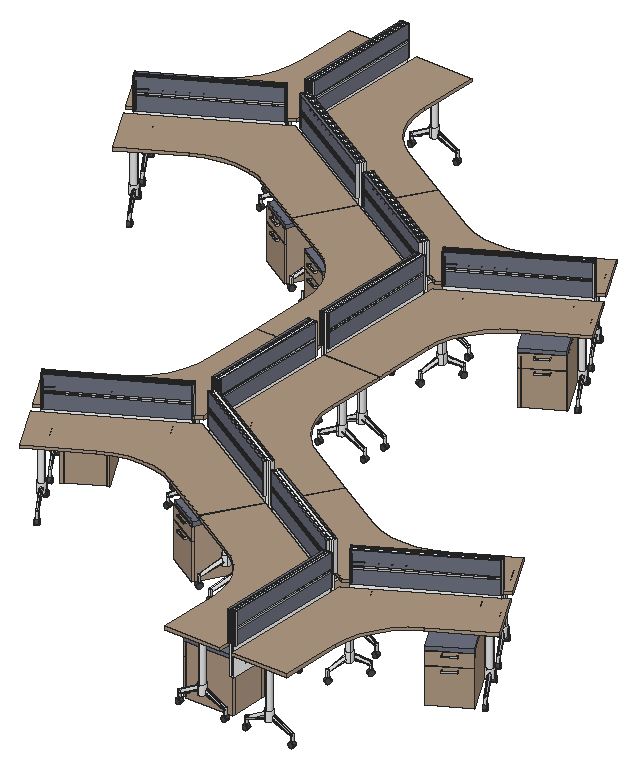
Revit family "T200028", category Furniture, Revit 2013 (continued)
Forms (in)
  Extrusion 774, solid, material "OFS BRANDS INTERMIX WORK Feet Metal" <- "Feet Material"
    sketch origin (26.80425, -56.57951, 0) x (0.000017, -1, 0) y (1, 0.000017, 0)
      loop
        circle (-51.57715, -22.59884) r 0.43
    from 2.38016 to 4.82597
  SweptBlend 775, solid, material "OFS BRANDS INTERMIX WORK Feet Metal" <- "Feet Material"
    path origin (26.80425, -56.57951, 0) x (1, 0.000017, 0) y (0, 0, 1)
      loop
        line (-13.40165, 7.14826) -> (-22.60845, 3.84119)
    profile origin (13.4026, -56.57974, 7.14826) x (0.338052, 0.000006, -0.941127) y (0.000017, -1, 0)
      loop
        line (-2.62281, -51.51844) -> (-2.62281, -51.63768)
        arc (-2.62281, -51.63768) -> (-2.58269, -51.75888) -> (-2.47817, -51.8322) r 0.20313
        line (-2.47817, -51.8322) -> (-1.22705, -52.20839)
        arc (-1.22705, -52.20839) -> (-0.97865, -52.23103) -> (-0.74123, -52.15459) r 0.6241
        line (-0.74123, -52.15459) -> (-0.41933, -51.97341)
        arc (-0.41933, -51.97341) -> (-0.37972, -51.93444) -> (-0.36519, -51.8808) r 0.10627
        line (-0.36519, -51.8808) -> (-0.36519, -51.27484)
        arc (-0.36519, -51.27484) -> (-0.37961, -51.2216) -> (-0.41893, -51.18293) r 0.10547
        line (-0.41893, -51.18293) -> (-0.7409, -51.00171)
        arc (-0.7409, -51.00171) -> (-0.97866, -50.92516) -> (-1.22742, -50.94783) r 0.625
        line (-1.22742, -50.94783) -> (-2.47816, -51.32389)
        arc (-2.47816, -51.32389) -> (-2.58268, -51.39722) -> (-2.62281, -51.51844) r 0.20315
    end profile origin (4.1958, -56.57989, 3.84119) x (0.338052, 0.000006, -0.941127) y (0.000017, -1, 0)
      loop
        arc (-0.00296, -51.97173) -> (0.12974, -51.57876) -> (-0.00296, -51.18579) r 0.64824
        arc (-0.00296, -51.18579) -> (-0.47961, -51.2339) -> (-0.93193, -51.39177) r 2.04165
        arc (-0.93193, -51.39177) -> (-1.04882, -51.57876) -> (-0.93193, -51.76575) r 0.20801
        arc (-0.93193, -51.76575) -> (-0.47961, -51.92362) -> (-0.00296, -51.97173) r 2.04165
  Extrusion 776, solid, material "OFS BRANDS INTERMIX WORK Top Core Wood" <- "Top Core Material"
    sketch origin (125.5135, -75.66085, 0) x (0.499986, 0.866034, 0) y (-0.866034, 0.499986, 0)
      loop
        line (3.97134, 144.44683) -> (-42.79403, 117.44683) -> (-42.79403, 63.44684) -> (-20.79403, 63.44684) -> (-20.79403, 87.42463)
        arc (-20.79403, 87.42463) -> (-16.7855, 102.41798) -> (-5.81327, 113.39428) r 29.96155
        line (-5.81327, 113.39428) -> (14.97134, 125.39429) -> (3.97134, 144.44683)
    from 27.87542 to 29.00005
  Extrusion 777, solid, material "OFS BRANDS INTERMIX WORK Feet Metal" <- "Feet Material"
    sketch origin (-28.63643, -87.3953, 0) x (-0.866017, -0.500014, 0) y (0.500014, -0.866017, 0)
      loop
        line (-54.57973, -9.4) -> (-54.57973, -17.4) -> (-48.57973, -17.4) -> (-48.57973, -9.4) -> (-54.57973, -9.4)
    from 27.6875 to 27.87542
  Extrusion 778, solid, material "OFS BRANDS INTERMIX WORK Feet Metal" <- "Feet Material"
    sketch origin (-28.63643, -87.3953, 0) x (-0.866017, -0.500014, 0) y (0.500014, -0.866017, 0)
      loop
        circle (-51.57876, -13.39995) r 1.14391
    from 10.29161 to 27.6875
  Extrusion 779, solid, material "OFS BRANDS INTERMIX WORK Feet Metal" <- "Feet Material"
    sketch origin (-28.63643, -87.3953, 0) x (-0.866017, -0.500014, 0) y (0.500014, -0.866017, 0)
      loop
        circle (-51.57876, -13.40165) r 1.51553
    from 6.70403 to 10.29161
  Extrusion 780, solid, material "OFS BRANDS INTERMIX WORK Roll Plastic" <- "Roll Material"
    sketch origin (3.28979, -39.49186, 29.4745) x (-0.500014, 0.866017, 0) y (0, 0, -1)
      loop
        circle (-19.32729, 28.53442) r 0.94008
    from -0.75 to 0.78386
  Extrusion 781, solid, material "OFS BRANDS INTERMIX WORK Roll Plastic" <- "Roll Material"
    sketch origin (3.28979, -39.49186, 29.4745) x (-0.500014, 0.866017, 0) y (0, 0, -1)
      loop
        arc (-18.30139, 28.55034) -> (-18.56665, 27.84584) -> (-19.24135, 27.51201) r 1.02602
        line (-19.24135, 27.51201) -> (-19.24135, 27.59827)
        arc (-19.24135, 27.59827) -> (-19.32729, 27.59434) -> (-19.41323, 27.59827) r 0.94008
        line (-19.41323, 27.59827) -> (-19.41323, 27.51201)
        arc (-19.41323, 27.51201) -> (-20.08257, 27.83996) -> (-20.35331, 28.53442) r 1.02602
        line (-20.35331, 28.53442) -> (-20.43925, 28.53442)
        arc (-20.43925, 28.53442) -> (-20.14338, 27.77914) -> (-19.41323, 27.42579) r 1.11196
        line (-19.41323, 27.42579) -> (-19.41323, 27.09434) -> (-19.24135, 27.09434) -> (-19.24135, 27.42579)
        arc (-19.24135, 27.42579) -> (-18.50581, 27.785) -> (-18.21545, 28.55034) r 1.11196
        line (-18.21545, 28.55034) -> (-18.30139, 28.55034)
    from -0.56728 to 0.61508
  Extrusion 782, solid, material "OFS BRANDS INTERMIX WORK Feet Metal" <- "Feet Material"
    sketch origin (-43.00651, -62.50654, 0) x (-0.866017, -0.500014, 0) y (0.500014, -0.866017, 0)
      loop
        circle (-51.57715, 22.59884) r 0.43
    from 2.38016 to 4.9582
  SweptBlend 783, solid, material "OFS BRANDS INTERMIX WORK Feet Metal" <- "Feet Material"
    path origin (-42.03681, -64.18604, 0) x (-0.500014, 0.866017, 0) y (0, 0, -1)
      loop
        line (-13.15165, -7.14826) -> (-20.5899, -3.99092)
    profile origin (-35.4608, -75.5756, 7.14826) x (0.195371, -0.33838, 0.920505) y (-0.866017, -0.500014, 0)
      loop
        arc (2.62281, -51.51844) -> (2.58268, -51.39722) -> (2.47816, -51.32389) r 0.20315
        line (2.47816, -51.32389) -> (1.22742, -50.94783)
        arc (1.22742, -50.94783) -> (0.97866, -50.92516) -> (0.7409, -51.00171) r 0.625
        line (0.7409, -51.00171) -> (0.41893, -51.18293)
        arc (0.41893, -51.18293) -> (0.37961, -51.2216) -> (0.36519, -51.27484) r 0.10547
        line (0.36519, -51.27484) -> (0.36519, -51.8808)
        arc (0.36519, -51.8808) -> (0.37972, -51.93444) -> (0.41933, -51.97341) r 0.10627
        line (0.41933, -51.97341) -> (0.74123, -52.15459)
        arc (0.74123, -52.15459) -> (0.97865, -52.23103) -> (1.22705, -52.20839) r 0.6241
        line (1.22705, -52.20839) -> (2.47817, -51.8322)
        arc (2.47817, -51.8322) -> (2.58269, -51.75888) -> (2.62281, -51.63768) r 0.20313
        line (2.62281, -51.63768) -> (2.62281, -51.51844)
    end profile origin (-31.74157, -82.01725, 3.99092) x (0.195371, -0.33838, 0.920505) y (-0.866017, -0.500014, 0)
      loop
        arc (0.00296, -51.97173) -> (0.47961, -51.92362) -> (0.93193, -51.76575) r 2.04165
        arc (0.93193, -51.76575) -> (1.04882, -51.57876) -> (0.93193, -51.39177) r 0.20801
        arc (0.93193, -51.39177) -> (0.47961, -51.2339) -> (0.00296, -51.18579) r 2.04165
        arc (0.00296, -51.18579) -> (-0.12974, -51.57876) -> (0.00296, -51.97173) r 0.64824
  Extrusion 784, solid, material "OFS BRANDS INTERMIX WORK Roll Plastic" <- "Roll Material"
    sketch origin (15.41177, -60.48696, 29.4745) x (0.500014, -0.866017, 0) y (0, 0, 1)
      loop
        circle (-19.32729, -28.53442) r 0.94008
    from -0.75 to 0.78386
  Extrusion 785, solid, material "OFS BRANDS INTERMIX WORK Roll Plastic" <- "Roll Material"
    sketch origin (15.41177, -60.48696, 29.4745) x (0.500014, -0.866017, 0) y (0, 0, 1)
      loop
        line (-18.30139, -28.55034) -> (-18.21545, -28.55034)
        arc (-18.21545, -28.55034) -> (-18.50581, -27.785) -> (-19.24135, -27.42579) r 1.11196
        line (-19.24135, -27.42579) -> (-19.24135, -27.09434) -> (-19.41323, -27.09434) -> (-19.41323, -27.42579)
        arc (-19.41323, -27.42579) -> (-20.14338, -27.77914) -> (-20.43925, -28.53442) r 1.11196
        line (-20.43925, -28.53442) -> (-20.35331, -28.53442)
        arc (-20.35331, -28.53442) -> (-20.08257, -27.83996) -> (-19.41323, -27.51201) r 1.02602
        line (-19.41323, -27.51201) -> (-19.41323, -27.59827)
        arc (-19.41323, -27.59827) -> (-19.32729, -27.59434) -> (-19.24135, -27.59827) r 0.94008
        line (-19.24135, -27.59827) -> (-19.24135, -27.51201)
        arc (-19.24135, -27.51201) -> (-18.56665, -27.84584) -> (-18.30139, -28.55034) r 1.02602
    from -0.56728 to 0.61508
  Extrusion 786, solid, material "OFS BRANDS INTERMIX WORK Feet Metal" <- "Feet Material"
    sketch origin (-27.66673, -89.07481, 0) x (-0.866017, -0.500014, 0) y (0.500014, -0.866017, 0)
      loop
        circle (-51.57715, -22.59884) r 0.43
    from 2.38016 to 4.9582
  SweptBlend 787, solid, material "OFS BRANDS INTERMIX WORK Feet Metal" <- "Feet Material"
    path origin (-28.63643, -87.3953, 0) x (0.500014, -0.866017, 0) y (0, 0, 1)
      loop
        line (-13.15165, 7.14826) -> (-20.5899, 3.99092)
    profile origin (-35.21244, -76.00575, 7.14826) x (0.195371, -0.33838, -0.920505) y (-0.866017, -0.500014, 0)
      loop
        line (-2.62281, -51.51844) -> (-2.62281, -51.63768)
        arc (-2.62281, -51.63768) -> (-2.58269, -51.75888) -> (-2.47817, -51.8322) r 0.20313
        line (-2.47817, -51.8322) -> (-1.22705, -52.20839)
        arc (-1.22705, -52.20839) -> (-0.97865, -52.23103) -> (-0.74123, -52.15459) r 0.6241
        line (-0.74123, -52.15459) -> (-0.41933, -51.97341)
        arc (-0.41933, -51.97341) -> (-0.37972, -51.93444) -> (-0.36519, -51.8808) r 0.10627
        line (-0.36519, -51.8808) -> (-0.36519, -51.27484)
        arc (-0.36519, -51.27484) -> (-0.37961, -51.2216) -> (-0.41893, -51.18293) r 0.10547
        line (-0.41893, -51.18293) -> (-0.7409, -51.00171)
        arc (-0.7409, -51.00171) -> (-0.97866, -50.92516) -> (-1.22742, -50.94783) r 0.625
        line (-1.22742, -50.94783) -> (-2.47816, -51.32389)
        arc (-2.47816, -51.32389) -> (-2.58268, -51.39722) -> (-2.62281, -51.51844) r 0.20315
    end profile origin (-38.93167, -69.5641, 3.99092) x (0.195371, -0.33838, -0.920505) y (-0.866017, -0.500014, 0)
      loop
        arc (-0.00296, -51.97173) -> (0.12974, -51.57876) -> (-0.00296, -51.18579) r 0.64824
        arc (-0.00296, -51.18579) -> (-0.47961, -51.2339) -> (-0.93193, -51.39177) r 2.04165
        arc (-0.93193, -51.39177) -> (-1.04882, -51.57876) -> (-0.93193, -51.76575) r 0.20801
        arc (-0.93193, -51.76575) -> (-0.47961, -51.92362) -> (-0.00296, -51.97173) r 2.04165
  Extrusion 788, solid, material "OFS BRANDS INTERMIX WORK Back Coverage Plastic" <- "Back Coverage Material"
    sketch origin (-0.07023, -30.00737, 29.4745) x (0.000009, -1, 0) y (0, 0, 1)
      loop
        line (20.99537, -11.2245) -> (20.99537, 12.5255) -> (-27.00463, 12.5255) -> (-27.00463, -11.2245) -> (20.99537, -11.2245)
    from -0.9375 to -0.1875
  Extrusion 789, solid, material "OFS BRANDS INTERMIX WORK Tackboard Fabric" <- "Tackboard Material"
    sketch origin (0.96302, -30.00736, 29.4745) x (0.000009, -1, 0) y (0, 0, 1)
      loop
        line (21.02662, 6.99425) -> (21.02662, 12.5255) -> (-27.03588, 12.5255) -> (-27.03588, 6.99425) -> (21.02662, 6.99425)
    from -0.66085 to 0.03085
  Extrusion 790, solid, material "OFS BRANDS INTERMIX WORK Tackboard Fabric" <- "Tackboard Material"
    sketch origin (0.96302, -30.00736, 22.69325) x (0.000009, -1, 0) y (0, 0, 1)
      loop
        line (20.68752, 6.99425) -> (20.68752, 12.5255) -> (-27.03588, 12.5255) -> (-27.03588, 6.99425) -> (20.68752, 6.99425)
    from -0.66085 to 0.03085
  Extrusion 791, solid, material "OFS BRANDS INTERMIX WORK Conector Metal" <- "Conector Material"
    sketch origin (-0.60113, -55.04473, 0) x (-0.000009, 1, 0) y (-1, -0.000009, 0)
      loop
        line (51.73413, -2.29012) -> (52.10913, -2.29011) -> (52.10913, -1.46862) -> (51.35913, -1.46862) -> (51.35913, -1.50452) -> (52.07323, -1.50452) -> (52.07323, -2.25422) -> (51.73413, -2.25422) -> (51.73413, -2.29012)
    from 29.74775 to 41.93975
  Extrusion 792, solid, material "OFS BRANDS INTERMIX WORK Tool Rail Metal" <- "Tool Rail Material"
    sketch origin (-0.60113, -55.04473, 0) x (-1, -0.000009, 0) y (0, 0, 1)
      loop
        line (-1.53351, 35.21875) -> (-1.53351, 34.46875) -> (-1.46862, 34.46875) -> (-1.46862, 35.29875) -> (-2.15611, 35.29875) -> (-2.15612, 35.70367) -> (-2.04082, 35.70367) -> (-1.85742, 35.59348) -> (-1.70638, 35.84486) -> (-1.85625, 36.09427) -> (-2.04176, 35.9828) -> (-2.15612, 35.9828) -> (-2.15612, 36.38875) -> (-1.46862, 36.38875) -> (-1.46862, 37.21875) -> (-1.53351, 37.21875) -> (-1.53351, 36.46875) -> (-2.23612, 36.46875) -> (-2.23612, 35.9028) -> (-2.01958, 35.9028) -> (-1.88459, 35.98391) -> (-1.80037, 35.84375) -> (-1.88459, 35.70359) -> (-2.01958, 35.78469) -> (-2.23612, 35.78469) -> (-2.23612, 35.21875) -> (-1.53351, 35.21875)
    from 4.01073 to 52.07323
  Extrusion 793, solid, material "OFS BRANDS INTERMIX WORK Conector Metal" <- "Conector Material"
    sketch origin (-0.60161, 1.03923, 0) x (0.000009, -1, 0) y (1, 0.000009, 0)
      loop
        line (51.73413, 2.29012) -> (51.73413, 2.25422) -> (52.07323, 2.25422) -> (52.07323, 1.50452) -> (51.35913, 1.50452) -> (51.35913, 1.46862) -> (52.10913, 1.46862) -> (52.10913, 2.29011) -> (51.73413, 2.29012)
    from 29.74775 to 41.93975
  Extrusion 794, solid, material "OFS BRANDS INTERMIX WORK Conector Clip Metal" <- "Conector Clip Material"
    sketch origin (-0.07046, -3.00275, 57.662) x (0, 0, -1) y (-1, -0.000009, 0)
      loop
        line (29.787, -2.37745) -> (29.787, -10.34879) -> (29.9745, -10.34879) -> (29.9745, -2.46068) -> (31.27888, -1.1563) -> (36.66201, -1.1563) -> (36.66201, -0.9375) -> (31.22695, -0.9375) -> (29.787, -2.37745)
    from -7.1875 to -5.8125
  Extrusion 795, solid, material "OFS BRANDS INTERMIX WORK Conector Clip Metal" <- "Conector Clip Material"
    sketch origin (-0.07046, -3.00275, 57.662) x (0, 0, -1) y (-1, -0.000009, 0)
      loop
        line (35.87689, -1.1563) -> (30.037, -10.49716) -> (30.037, -11.86776) -> (36.66201, -1.1563) -> (35.87689, -1.1563)
    from -6.59375 to -6.40625
  Extrusion 796, solid, material "OFS BRANDS INTERMIX WORK Conector Clip Metal" <- "Conector Clip Material"
    sketch origin (-0.07016, -38.00275, 57.662) x (0, 0, -1) y (-1, -0.000009, 0)
      loop
        line (29.787, -2.37745) -> (29.787, -10.34879) -> (29.9745, -10.34879) -> (29.9745, -2.46068) -> (31.27888, -1.1563) -> (36.66201, -1.1563) -> (36.66201, -0.9375) -> (31.22695, -0.9375) -> (29.787, -2.37745)
    from -7.1875 to -5.8125
  Extrusion 797, solid, material "OFS BRANDS INTERMIX WORK Conector Clip Metal" <- "Conector Clip Material"
    sketch origin (-0.07016, -38.00275, 57.662) x (0, 0, -1) y (-1, -0.000009, 0)
      loop
        line (35.87689, -1.1563) -> (30.037, -10.49716) -> (30.037, -11.86776) -> (36.66201, -1.1563) -> (35.87689, -1.1563)
    from -6.59375 to -6.40625
  Extrusion 798, solid, material "OFS BRANDS INTERMIX WORK Back Coverage Plastic" <- "Back Coverage Material"
    sketch origin (21.94585, -68.13885, 29.4745) x (-0.866038, 0.499978, 0) y (0, 0, -1)
      loop
        line (20.99537, 11.2245) -> (-27.00463, 11.2245) -> (-27.00463, -12.5255) -> (20.99537, -12.5255) -> (20.99537, 11.2245)
    from -0.9375 to -0.1875
  Extrusion 799, solid, material "OFS BRANDS INTERMIX WORK Tackboard Fabric" <- "Tackboard Material"
    sketch origin (22.46245, -67.24402, 29.4745) x (-0.866038, 0.499978, 0) y (0, 0, -1)
      loop
        line (21.02662, -6.99425) -> (-27.03588, -6.99425) -> (-27.03588, -12.5255) -> (21.02662, -12.5255) -> (21.02662, -6.99425)
    from -0.66085 to 0.03085
  Extrusion 800, solid, material "OFS BRANDS INTERMIX WORK Tackboard Fabric" <- "Tackboard Material"
    sketch origin (22.46245, -67.24402, 22.69325) x (-0.866038, 0.499978, 0) y (0, 0, -1)
      loop
        line (20.68752, -6.99425) -> (-27.03588, -6.99425) -> (-27.03588, -12.5255) -> (20.68752, -12.5255) -> (20.68752, -6.99425)
    from -0.66085 to 0.03085
  Extrusion 801, solid, material "OFS BRANDS INTERMIX WORK Conector Metal" <- "Conector Material"
    sketch origin (-0.00299, -56.08068, 0) x (0.866038, -0.499978, 0) y (0.499978, 0.866038, 0)
      loop
        line (51.73413, 2.29012) -> (51.73413, 2.25422) -> (52.07323, 2.25422) -> (52.07323, 1.50452) -> (51.35913, 1.50452) -> (51.35913, 1.46862) -> (52.10913, 1.46862) -> (52.10913, 2.29011) -> (51.73413, 2.29012)
    from 29.74775 to 41.93975
  Extrusion 802, solid, material "OFS BRANDS INTERMIX WORK Tool Rail Metal" <- "Tool Rail Material"
    sketch origin (-0.00299, -56.08068, 0) x (-0.499978, -0.866038, 0) y (0, 0, -1)
      loop
        line (-1.53351, -35.21875) -> (-2.23612, -35.21875) -> (-2.23612, -35.78469) -> (-2.01958, -35.78469) -> (-1.88459, -35.70359) -> (-1.80037, -35.84375) -> (-1.88459, -35.98391) -> (-2.01958, -35.9028) -> (-2.23612, -35.9028) -> (-2.23612, -36.46875) -> (-1.53351, -36.46875) -> (-1.53351, -37.21875) -> (-1.46862, -37.21875) -> (-1.46862, -36.38875) -> (-2.15612, -36.38875) -> (-2.15612, -35.9828) -> (-2.04176, -35.9828) -> (-1.85625, -36.09427) -> (-1.70638, -35.84486) -> (-1.85742, -35.59348) -> (-2.04082, -35.70367) -> (-2.15612, -35.70367) -> (-2.15611, -35.29875) -> (-1.46862, -35.29875) -> (-1.46862, -34.46875) -> (-1.53351, -34.46875) -> (-1.53351, -35.21875)
    from 4.01073 to 52.07323
  Extrusion 803, solid, material "OFS BRANDS INTERMIX WORK Conector Metal" <- "Conector Material"
    sketch origin (48.56784, -84.12144, 0) x (-0.866038, 0.499978, 0) y (-0.499978, -0.866038, 0)
      loop
        line (51.73413, -2.29012) -> (52.10913, -2.29011) -> (52.10913, -1.46862) -> (51.35913, -1.46862) -> (51.35913, -1.50452) -> (52.07323, -1.50452) -> (52.07323, -2.25422) -> (51.73413, -2.25422) -> (51.73413, -2.29012)
    from 29.74775 to 41.93975
  Extrusion 804, solid, material "OFS BRANDS INTERMIX WORK Conector Clip Metal" <- "Conector Clip Material"
    sketch origin (45.33288, -81.64058, 57.662) x (0, 0, -1) y (0.499978, 0.866038, 0)
      loop
        line (29.787, 2.37745) -> (31.22695, 0.9375) -> (36.66201, 0.9375) -> (36.66201, 1.1563) -> (31.27888, 1.1563) -> (29.9745, 2.46068) -> (29.9745, 10.34879) -> (29.787, 10.34879) -> (29.787, 2.37745)
    from -7.1875 to -5.8125
  Extrusion 805, solid, material "OFS BRANDS INTERMIX WORK Conector Clip Metal" <- "Conector Clip Material"
    sketch origin (45.33288, -81.64058, 57.662) x (0, 0, -1) y (0.499978, 0.866038, 0)
      loop
        line (35.87689, 1.1563) -> (36.66201, 1.1563) -> (30.037, 11.86776) -> (30.037, 10.49716) -> (35.87689, 1.1563)
    from -6.59375 to -6.40625
  Extrusion 806, solid, material "OFS BRANDS INTERMIX WORK Conector Clip Metal" <- "Conector Clip Material"
    sketch origin (15.02155, -64.14134, 57.662) x (0, 0, -1) y (0.499978, 0.866038, 0)
      loop
        line (29.787, 2.37745) -> (31.22695, 0.9375) -> (36.66201, 0.9375) -> (36.66201, 1.1563) -> (31.27888, 1.1563) -> (29.9745, 2.46068) -> (29.9745, 10.34879) -> (29.787, 10.34879) -> (29.787, 2.37745)
    from -7.1875 to -5.8125
  Extrusion 807, solid, material "OFS BRANDS INTERMIX WORK Conector Clip Metal" <- "Conector Clip Material"
    sketch origin (15.02155, -64.14134, 57.662) x (0, 0, -1) y (0.499978, 0.866038, 0)
      loop
        line (35.87689, 1.1563) -> (36.66201, 1.1563) -> (30.037, 11.86776) -> (30.037, 10.49716) -> (35.87689, 1.1563)
    from -6.59375 to -6.40625
  Extrusion 808, solid, material "OFS BRANDS INTERMIX WORK Roll Plastic" <- "Roll Material"
    sketch origin (45.26715, -77.80198, 29.4745) x (-0.499986, -0.866034, 0) y (0, 0, 1)
      loop
        circle (-19.32729, -28.53442) r 0.94008
    from -0.75 to 0.78386
  Extrusion 809, solid, material "OFS BRANDS INTERMIX WORK Roll Plastic" <- "Roll Material"
    sketch origin (45.26715, -77.80198, 29.4745) x (-0.499986, -0.866034, 0) y (0, 0, 1)
      loop
        line (-18.30139, -28.55034) -> (-18.21545, -28.55034)
        arc (-18.21545, -28.55034) -> (-18.50581, -27.785) -> (-19.24135, -27.42579) r 1.11196
        line (-19.24135, -27.42579) -> (-19.24135, -27.09434) -> (-19.41323, -27.09434) -> (-19.41323, -27.42579)
        arc (-19.41323, -27.42579) -> (-20.14338, -27.77914) -> (-20.43925, -28.53442) r 1.11196
        line (-20.43925, -28.53442) -> (-20.35331, -28.53442)
        arc (-20.35331, -28.53442) -> (-20.08257, -27.83996) -> (-19.41323, -27.51201) r 1.02602
        line (-19.41323, -27.51201) -> (-19.41323, -27.59827)
        arc (-19.41323, -27.59827) -> (-19.32729, -27.59434) -> (-19.24135, -27.59827) r 0.94008
        line (-19.24135, -27.59827) -> (-19.24135, -27.51201)
        arc (-19.24135, -27.51201) -> (-18.56665, -27.84584) -> (-18.30139, -28.55034) r 1.02602
    from -0.56728 to 0.61508
  Extrusion 810, solid, material "OFS BRANDS INTERMIX WORK Feet Metal" <- "Feet Material"
    sketch origin (-1.0299, -54.78883, 0) x (-0.866034, 0.499986, 0) y (-0.499986, -0.866034, 0)
      loop
        line (-54.57973, -9.4) -> (-54.57973, -17.4) -> (-48.57973, -17.4) -> (-48.57973, -9.4) -> (-54.57973, -9.4)
    from 27.6875 to 27.87542
  Extrusion 811, solid, material "OFS BRANDS INTERMIX WORK Feet Metal" <- "Feet Material"
    sketch origin (-1.0299, -54.78883, 0) x (-0.866034, 0.499986, 0) y (-0.499986, -0.866034, 0)
      loop
        circle (-51.57876, -13.39995) r 1.14391
    from 10.29161 to 27.6875
  Extrusion 812, solid, material "OFS BRANDS INTERMIX WORK Feet Metal" <- "Feet Material"
    sketch origin (-1.0299, -54.78883, 0) x (-0.866034, 0.499986, 0) y (-0.499986, -0.866034, 0)
      loop
        circle (-51.57876, -13.40165) r 1.51553
    from 6.70403 to 10.29161
  Extrusion 813, solid, material "OFS BRANDS INTERMIX WORK Feet Metal" <- "Feet Material"
    sketch origin (-1.0299, -54.78883, 0) x (-0.866034, 0.499986, 0) y (-0.499986, -0.866034, 0)
      loop
        circle (-51.57715, -22.59884) r 0.43
    from 2.38016 to 4.82597
  SweptBlend 814, solid, material "OFS BRANDS INTERMIX WORK Feet Metal" <- "Feet Material"
    path origin (-1.0299, -54.78883, 0) x (-0.499986, -0.866034, 0) y (0, 0, 1)
      loop
        line (-13.40165, 7.14826) -> (-22.60845, 3.84119)
    profile origin (5.67073, -43.18255, 7.14826) x (-0.169021, -0.292764, -0.941127) y (-0.866034, 0.499986, 0)
      loop
        line (-2.62281, -51.51844) -> (-2.62281, -51.63768)
        arc (-2.62281, -51.63768) -> (-2.58269, -51.75888) -> (-2.47817, -51.8322) r 0.20313
        line (-2.47817, -51.8322) -> (-1.22705, -52.20839)
        arc (-1.22705, -52.20839) -> (-0.97865, -52.23103) -> (-0.74123, -52.15459) r 0.6241
        line (-0.74123, -52.15459) -> (-0.41933, -51.97341)
        arc (-0.41933, -51.97341) -> (-0.37972, -51.93444) -> (-0.36519, -51.8808) r 0.10627
        line (-0.36519, -51.8808) -> (-0.36519, -51.27484)
        arc (-0.36519, -51.27484) -> (-0.37961, -51.2216) -> (-0.41893, -51.18293) r 0.10547
        line (-0.41893, -51.18293) -> (-0.7409, -51.00171)
        arc (-0.7409, -51.00171) -> (-0.97866, -50.92516) -> (-1.22742, -50.94783) r 0.625
        line (-1.22742, -50.94783) -> (-2.47816, -51.32389)
        arc (-2.47816, -51.32389) -> (-2.58268, -51.39722) -> (-2.62281, -51.51844) r 0.20315
    end profile origin (10.274, -35.20915, 3.84119) x (-0.169021, -0.292764, -0.941127) y (-0.866034, 0.499986, 0)
      loop
        arc (-0.00296, -51.97173) -> (0.12974, -51.57876) -> (-0.00296, -51.18579) r 0.64824
        arc (-0.00296, -51.18579) -> (-0.47961, -51.2339) -> (-0.93193, -51.39177) r 2.04165
        arc (-0.93193, -51.39177) -> (-1.04882, -51.57876) -> (-0.93193, -51.76575) r 0.20801
        arc (-0.93193, -51.76575) -> (-0.47961, -51.92362) -> (-0.00296, -51.97173) r 2.04165
  Extrusion 815, solid, material "OFS BRANDS INTERMIX WORK Roll Plastic" <- "Roll Material"
    sketch origin (55.44916, -60.16555, 29.4745) x (0.499986, 0.866034, 0) y (0, 0, -1)
      loop
        circle (-19.32729, 28.53442) r 0.94008
    from -0.75 to 0.78386
  Extrusion 816, solid, material "OFS BRANDS INTERMIX WORK Roll Plastic" <- "Roll Material"
    sketch origin (55.44916, -60.16555, 29.4745) x (0.499986, 0.866034, 0) y (0, 0, -1)
      loop
        arc (-18.30139, 28.55034) -> (-18.56665, 27.84584) -> (-19.24135, 27.51201) r 1.02602
        line (-19.24135, 27.51201) -> (-19.24135, 27.59827)
        arc (-19.24135, 27.59827) -> (-19.32729, 27.59434) -> (-19.41323, 27.59827) r 0.94008
        line (-19.41323, 27.59827) -> (-19.41323, 27.51201)
        arc (-19.41323, 27.51201) -> (-20.08257, 27.83996) -> (-20.35331, 28.53442) r 1.02602
        line (-20.35331, 28.53442) -> (-20.43925, 28.53442)
        arc (-20.43925, 28.53442) -> (-20.14338, 27.77914) -> (-19.41323, 27.42579) r 1.11196
        line (-19.41323, 27.42579) -> (-19.41323, 27.09434) -> (-19.24135, 27.09434) -> (-19.24135, 27.42579)
        arc (-19.24135, 27.42579) -> (-18.50581, 27.785) -> (-18.21545, 28.55034) r 1.11196
        line (-18.21545, 28.55034) -> (-18.30139, 28.55034)
    from -0.56728 to 0.61508
  Extrusion 817, solid, material "OFS BRANDS INTERMIX WORK Feet Metal" <- "Feet Material"
    sketch origin (12.36971, -31.57913, 0) x (-0.866034, 0.499986, 0) y (-0.499986, -0.866034, 0)
      loop
        circle (-51.57715, 22.59884) r 0.43
    from 2.38016 to 4.82597
  SweptBlend 818, solid, material "OFS BRANDS INTERMIX WORK Feet Metal" <- "Feet Material"
    path origin (12.36971, -31.57913, 0) x (0.499986, 0.866034, 0) y (0, 0, -1)
      loop
        line (-13.40165, -7.14826) -> (-22.60845, -3.84119)
    profile origin (5.66908, -43.18541, 7.14826) x (-0.169021, -0.292764, 0.941127) y (-0.866034, 0.499986, 0)
      loop
        arc (2.62281, -51.51844) -> (2.58268, -51.39722) -> (2.47816, -51.32389) r 0.20315
        line (2.47816, -51.32389) -> (1.22742, -50.94783)
        arc (1.22742, -50.94783) -> (0.97866, -50.92516) -> (0.7409, -51.00171) r 0.625
        line (0.7409, -51.00171) -> (0.41893, -51.18293)
        arc (0.41893, -51.18293) -> (0.37961, -51.2216) -> (0.36519, -51.27484) r 0.10547
        line (0.36519, -51.27484) -> (0.36519, -51.8808)
        arc (0.36519, -51.8808) -> (0.37972, -51.93444) -> (0.41933, -51.97341) r 0.10627
        line (0.41933, -51.97341) -> (0.74123, -52.15459)
        arc (0.74123, -52.15459) -> (0.97865, -52.23103) -> (1.22705, -52.20839) r 0.6241
        line (1.22705, -52.20839) -> (2.47817, -51.8322)
        arc (2.47817, -51.8322) -> (2.58269, -51.75888) -> (2.62281, -51.63768) r 0.20313
        line (2.62281, -51.63768) -> (2.62281, -51.51844)
    end profile origin (1.06581, -51.1588, 3.84119) x (-0.169021, -0.292764, 0.941127) y (-0.866034, 0.499986, 0)
      loop
        arc (0.00296, -51.97173) -> (0.47961, -51.92362) -> (0.93193, -51.76575) r 2.04165
        arc (0.93193, -51.76575) -> (1.04882, -51.57876) -> (0.93193, -51.39177) r 0.20801
        arc (0.93193, -51.39177) -> (0.47961, -51.2339) -> (0.00296, -51.18579) r 2.04165
        arc (0.00296, -51.18579) -> (-0.12974, -51.57876) -> (0.00296, -51.97173) r 0.64824
  Extrusion 819, solid, material "OFS BRANDS INTERMIX WORK Drawer Front Wood" <- "Drawer Front Material"
    sketch origin (73.79163, -97.84109, -6.96875) x (0.000122, 1, 0) y (0, 0, 1)
      loop
        line (-59.97733, 27.3125) -> (-59.97733, 21.96875) -> (-44.47733, 21.96875) -> (-44.47733, 27.3125) -> (-59.97733, 27.3125)
    from -1.3075 to -0.5575
  Extrusion 820, solid, material "OFS BRANDS INTERMIX WORK Pull Metal" <- "Pull Material"
    sketch origin (43.30057, -113.0072, -10.06825) x (0.000122, 1, 0) y (-1, 0.000122, 0)
      loop
        line (-39.43501, -29.18171) -> (-39.43501, -28.42671) -> (-34.68501, -28.42671) -> (-34.68501, -29.18171) -> (-34.43501, -29.18171) -> (-34.43501, -28.17671) -> (-39.68501, -28.17671) -> (-39.68501, -29.18171) -> (-39.43501, -29.18171)
    from 28.9745 to 29.4745
  Extrusion 821, solid, material "OFS BRANDS INTERMIX WORK Drawer Front Wood" <- "Drawer Front Material"
    sketch origin (73.79163, -97.84109, -12.4375) x (0.000122, 1, 0) y (0, 0, 1)
      loop
        line (-59.97733, 27.3125) -> (-59.97733, 13.1875) -> (-44.47733, 13.1875) -> (-44.47733, 27.3125) -> (-59.97733, 27.3125)
    from -1.3075 to -0.5575
  Extrusion 822, solid, material "OFS BRANDS INTERMIX WORK Pull Metal" <- "Pull Material"
    sketch origin (43.30057, -113.0072, -15.537) x (0.000122, 1, 0) y (-1, 0.000122, 0)
      loop
        line (-39.43501, -29.18171) -> (-39.43501, -28.42671) -> (-34.68501, -28.42671) -> (-34.68501, -29.18171) -> (-34.43501, -29.18171) -> (-34.43501, -28.17671) -> (-39.68501, -28.17671) -> (-39.68501, -29.18171) -> (-39.43501, -29.18171)
    from 28.9745 to 29.4745
  Extrusion 823, solid, material "OFS BRANDS INTERMIX WORK Chassis Wood" <- "Chassis Material"
    sketch origin (71.24446, -158.06812, 0) x (-1, 0.000122, 0) y (0, 0, -1)
      loop
        line (-1.98233, -0.5) -> (-20.73233, -0.5) -> (-20.73233, -20.4375) -> (-1.98233, -20.4375) -> (-1.98233, -0.5)
    from -1.1875 to -0.1875
  Extrusion 824, solid, material "OFS BRANDS INTERMIX WORK Chassis Wood" <- "Chassis Material"
    sketch origin (92.16696, -136.15083, 0) x (0.000122, 1, 0) y (0, 0, 1)
      loop
        line (-7.10733, 0.5) -> (-7.10733, 20.4375) -> (-20.73233, 20.4375) -> (-20.73233, 0.5) -> (-7.10733, 0.5)
    from -1.1875 to -0.1875
  Extrusion 825, solid, material "OFS BRANDS INTERMIX WORK Chassis Wood" <- "Chassis Material"
    sketch origin (71.24641, -142.06812, 0) x (-1, 0.000122, 0) y (0, 0, 1)
      loop
        line (-1.98233, 0.5) -> (-1.98233, 20.4375) -> (-20.73233, 20.4375) -> (-20.73233, 0.5) -> (-1.98233, 0.5)
    from -1.1875 to -0.1875
  Extrusion 826, solid, material "OFS BRANDS INTERMIX WORK Cushion Fabric" <- "Cushion Material"
    sketch origin (28.9092, -131.16609, 18.4375) x (0.000122, 1, 0) y (1, -0.000122, 0)
      loop
        line (-26.70937, 43.82086) -> (-11.08437, 43.82087) -> (-11.08437, 63.07087) -> (-26.70937, 63.07086) -> (-26.70937, 43.82086)
    from -3.5 to -2
  Extrusion 827, solid, material "OFS BRANDS INTERMIX WORK Roll Plastic" <- "Roll Material"
    sketch origin (70.18171, -155.94201, 29.4745) x (-1, 0.000122, 0) y (0, 0, 1)
      loop
        circle (-19.32729, -28.53442) r 0.94008
    from -0.75 to 0.78386
  Extrusion 828, solid, material "OFS BRANDS INTERMIX WORK Roll Plastic" <- "Roll Material"
    sketch origin (70.18171, -155.94201, 29.4745) x (-1, 0.000122, 0) y (0, 0, 1)
      loop
        line (-18.30139, -28.55034) -> (-18.21545, -28.55034)
        arc (-18.21545, -28.55034) -> (-18.50581, -27.785) -> (-19.24135, -27.42579) r 1.11196
        line (-19.24135, -27.42579) -> (-19.24135, -27.09434) -> (-19.41323, -27.09434) -> (-19.41323, -27.42579)
        arc (-19.41323, -27.42579) -> (-20.14338, -27.77914) -> (-20.43925, -28.53442) r 1.11196
        line (-20.43925, -28.53442) -> (-20.35331, -28.53442)
        arc (-20.35331, -28.53442) -> (-20.08257, -27.83996) -> (-19.41323, -27.51201) r 1.02602
        line (-19.41323, -27.51201) -> (-19.41323, -27.59827)
        arc (-19.41323, -27.59827) -> (-19.32729, -27.59434) -> (-19.24135, -27.59827) r 0.94008
        line (-19.24135, -27.59827) -> (-19.24135, -27.51201)
        arc (-19.24135, -27.51201) -> (-18.56665, -27.84584) -> (-18.30139, -28.55034) r 1.02602
    from -0.56728 to 0.61508
  Extrusion 829, solid, material "OFS BRANDS INTERMIX WORK Chassis Wood" <- "Chassis Material"
    sketch origin (-0.13501, -206.51203, -8.30733) x (0.000122, 1, 0) y (-1, 0.000122, 0)
      loop
        line (49.64011, -73.35589) -> (49.64011, -91.10589) -> (63.26511, -91.10589) -> (63.26511, -73.35589) -> (49.64011, -73.35589)
    from 10.6875 to 11.75
  Extrusion 830, solid, material "OFS BRANDS INTERMIX WORK Roll Plastic" <- "Roll Material"
    sketch origin (70.18314, -144.19396, 29.4745) x (-1, 0.000122, 0) y (0, 0, -1)
      loop
        circle (-19.32729, 28.53442) r 0.94008
    from -0.75 to 0.78386
  Extrusion 831, solid, material "OFS BRANDS INTERMIX WORK Roll Plastic" <- "Roll Material"
    sketch origin (70.18314, -144.19396, 29.4745) x (-1, 0.000122, 0) y (0, 0, -1)
      loop
        arc (-18.30139, 28.55034) -> (-18.56665, 27.84584) -> (-19.24135, 27.51201) r 1.02602
        line (-19.24135, 27.51201) -> (-19.24135, 27.59827)
        arc (-19.24135, 27.59827) -> (-19.32729, 27.59434) -> (-19.41323, 27.59827) r 0.94008
        line (-19.41323, 27.59827) -> (-19.41323, 27.51201)
        arc (-19.41323, 27.51201) -> (-20.08257, 27.83996) -> (-20.35331, 28.53442) r 1.02602
        line (-20.35331, 28.53442) -> (-20.43925, 28.53442)
        arc (-20.43925, 28.53442) -> (-20.14338, 27.77914) -> (-19.41323, 27.42579) r 1.11196
        line (-19.41323, 27.42579) -> (-19.41323, 27.09434) -> (-19.24135, 27.09434) -> (-19.24135, 27.42579)
        arc (-19.24135, 27.42579) -> (-18.50581, 27.785) -> (-18.21545, 28.55034) r 1.11196
        line (-18.21545, 28.55034) -> (-18.30139, 28.55034)
    from -0.56728 to 0.61508
  Extrusion 832, solid, material "OFS BRANDS INTERMIX WORK Roll Plastic" <- "Roll Material"
    sketch origin (94.33082, -155.94496, 29.4745) x (1, -0.000122, 0) y (0, 0, -1)
      loop
        circle (-19.32729, 28.53442) r 0.94008
    from -0.75 to 0.78386
  Extrusion 833, solid, material "OFS BRANDS INTERMIX WORK Roll Plastic" <- "Roll Material"
    sketch origin (94.33082, -155.94496, 29.4745) x (1, -0.000122, 0) y (0, 0, -1)
      loop
        arc (-18.30139, 28.55034) -> (-18.56665, 27.84584) -> (-19.24135, 27.51201) r 1.02602
        line (-19.24135, 27.51201) -> (-19.24135, 27.59827)
        arc (-19.24135, 27.59827) -> (-19.32729, 27.59434) -> (-19.41323, 27.59827) r 0.94008
        line (-19.41323, 27.59827) -> (-19.41323, 27.51201)
        arc (-19.41323, 27.51201) -> (-20.08257, 27.83996) -> (-20.35331, 28.53442) r 1.02602
        line (-20.35331, 28.53442) -> (-20.43925, 28.53442)
        arc (-20.43925, 28.53442) -> (-20.14338, 27.77914) -> (-19.41323, 27.42579) r 1.11196
        line (-19.41323, 27.42579) -> (-19.41323, 27.09434) -> (-19.24135, 27.09434) -> (-19.24135, 27.42579)
        arc (-19.24135, 27.42579) -> (-18.50581, 27.785) -> (-18.21545, 28.55034) r 1.11196
        line (-18.21545, 28.55034) -> (-18.30139, 28.55034)
    from -0.56728 to 0.61508
  Extrusion 834, solid, material "OFS BRANDS INTERMIX WORK Roll Plastic" <- "Roll Material"
    sketch origin (94.33225, -144.19691, 29.4745) x (1, -0.000122, 0) y (0, 0, 1)
      loop
        circle (-19.32729, -28.53442) r 0.94008
    from -0.75 to 0.78386
  Extrusion 835, solid, material "OFS BRANDS INTERMIX WORK Roll Plastic" <- "Roll Material"
    sketch origin (94.33225, -144.19691, 29.4745) x (1, -0.000122, 0) y (0, 0, 1)
      loop
        line (-18.30139, -28.55034) -> (-18.21545, -28.55034)
        arc (-18.21545, -28.55034) -> (-18.50581, -27.785) -> (-19.24135, -27.42579) r 1.11196
        line (-19.24135, -27.42579) -> (-19.24135, -27.09434) -> (-19.41323, -27.09434) -> (-19.41323, -27.42579)
        arc (-19.41323, -27.42579) -> (-20.14338, -27.77914) -> (-20.43925, -28.53442) r 1.11196
        line (-20.43925, -28.53442) -> (-20.35331, -28.53442)
        arc (-20.35331, -28.53442) -> (-20.08257, -27.83996) -> (-19.41323, -27.51201) r 1.02602
        line (-19.41323, -27.51201) -> (-19.41323, -27.59827)
        arc (-19.41323, -27.59827) -> (-19.32729, -27.59434) -> (-19.24135, -27.59827) r 0.94008
        line (-19.24135, -27.59827) -> (-19.24135, -27.51201)
        arc (-19.24135, -27.51201) -> (-18.56665, -27.84584) -> (-18.30139, -28.55034) r 1.02602
    from -0.56728 to 0.61508
  Extrusion 836, solid, material "OFS BRANDS INTERMIX WORK Drawer Front Wood" <- "Drawer Front Material"
    sketch origin (95.81374, -136.42023, -6.96875) x (-0.866025, -0.5, 0) y (0, 0, 1)
      loop
        line (-59.97733, 27.3125) -> (-59.97733, 21.96875) -> (-44.47733, 21.96875) -> (-44.47733, 27.3125) -> (-59.97733, 27.3125)
    from -1.3075 to -0.5575
  Extrusion 837, solid, material "OFS BRANDS INTERMIX WORK Pull Metal" <- "Pull Material"
    sketch origin (124.1958, -155.23974, -10.06825) x (-0.866025, -0.5, 0) y (0.5, -0.866025, 0)
      loop
        line (-39.43501, -29.18171) -> (-39.43501, -28.42671) -> (-34.68501, -28.42671) -> (-34.68501, -29.18171) -> (-34.43501, -29.18171) -> (-34.43501, -28.17671) -> (-39.68501, -28.17671) -> (-39.68501, -29.18171) -> (-39.43501, -29.18171)
    from 28.9745 to 29.4745
  Extrusion 838, solid, material "OFS BRANDS INTERMIX WORK Drawer Front Wood" <- "Drawer Front Material"
    sketch origin (95.81374, -136.42023, -12.4375) x (-0.866025, -0.5, 0) y (0, 0, 1)
      loop
        line (-59.97733, 27.3125) -> (-59.97733, 13.1875) -> (-44.47733, 13.1875) -> (-44.47733, 27.3125) -> (-59.97733, 27.3125)
    from -1.3075 to -0.5575
  Extrusion 839, solid, material "OFS BRANDS INTERMIX WORK Pull Metal" <- "Pull Material"
    sketch origin (124.1958, -155.23974, -15.537) x (-0.866025, -0.5, 0) y (0.5, -0.866025, 0)
      loop
        line (-39.43501, -29.18171) -> (-39.43501, -28.42671) -> (-34.68501, -28.42671) -> (-34.68501, -29.18171) -> (-34.43501, -29.18171) -> (-34.43501, -28.17671) -> (-39.68501, -28.17671) -> (-39.68501, -29.18171) -> (-39.43501, -29.18171)
    from 28.9745 to 29.4745
  Extrusion 840, solid, material "OFS BRANDS INTERMIX WORK Chassis Wood" <- "Chassis Material"
    sketch origin (149.24206, -108.50611, 0) x (0.5, -0.866025, 0) y (0, 0, -1)
      loop
        line (-1.98233, -0.5) -> (-20.73233, -0.5) -> (-20.73233, -20.4375) -> (-1.98233, -20.4375) -> (-1.98233, -0.5)
    from -1.1875 to -0.1875
  Extrusion 841, solid, material "OFS BRANDS INTERMIX WORK Chassis Wood" <- "Chassis Material"
    sketch origin (119.79901, -101.34893, 0) x (-0.866025, -0.5, 0) y (0, 0, 1)
      loop
        line (-7.10733, 0.5) -> (-7.10733, 20.4375) -> (-20.73233, 20.4375) -> (-20.73233, 0.5) -> (-7.10733, 0.5)
    from -1.1875 to -0.1875
  Extrusion 842, solid, material "OFS BRANDS INTERMIX WORK Chassis Wood" <- "Chassis Material"
    sketch origin (135.38565, -116.50611, 0) x (0.5, -0.866025, 0) y (0, 0, 1)
      loop
        line (-1.98233, 0.5) -> (-1.98233, 20.4375) -> (-20.73233, 20.4375) -> (-20.73233, 0.5) -> (-1.98233, 0.5)
    from -1.1875 to -0.1875
  Extrusion 843, solid, material "OFS BRANDS INTERMIX WORK Cushion Fabric" <- "Cushion Material"
    sketch origin (147.11795, -158.62079, 18.4375) x (-0.866025, -0.5, 0) y (-0.5, 0.866025, 0)
      loop
        line (-26.70937, 43.82086) -> (-11.08437, 43.82087) -> (-11.08437, 63.07087) -> (-26.70937, 63.07086) -> (-26.70937, 43.82086)
    from -3.5 to -2
  Extrusion 844, solid, material "OFS BRANDS INTERMIX WORK Roll Plastic" <- "Roll Material"
    sketch origin (147.93241, -110.48969, 29.4745) x (0.5, -0.866025, 0) y (0, 0, 1)
      loop
        circle (-19.32729, -28.53442) r 0.94008
    from -0.75 to 0.78386
  Extrusion 845, solid, material "OFS BRANDS INTERMIX WORK Chassis Wood" <- "Chassis Material"
    sketch origin (226.89003, -146.09112, -8.30733) x (-0.866025, -0.5, 0) y (0.5, -0.866025, 0)
      loop
        line (49.64011, -73.35589) -> (49.64011, -91.10589) -> (63.26511, -91.10589) -> (63.26511, -73.35589) -> (49.64011, -73.35589)
    from 10.6875 to 11.75
  Extrusion 846, solid, material "OFS BRANDS INTERMIX WORK Roll Plastic" <- "Roll Material"
    sketch origin (137.7583, -116.36372, 29.4745) x (0.5, -0.866025, 0) y (0, 0, -1)
      loop
        circle (-19.32729, 28.53442) r 0.94008
    from -0.75 to 0.78386
  Extrusion 847, solid, material "OFS BRANDS INTERMIX WORK Roll Plastic" <- "Roll Material"
    sketch origin (137.7583, -116.36372, 29.4745) x (0.5, -0.866025, 0) y (0, 0, -1)
      loop
        arc (-18.30139, 28.55034) -> (-18.56665, 27.84584) -> (-19.24135, 27.51201) r 1.02602
        line (-19.24135, 27.51201) -> (-19.24135, 27.59827)
        arc (-19.24135, 27.59827) -> (-19.32729, 27.59434) -> (-19.41323, 27.59827) r 0.94008
        line (-19.41323, 27.59827) -> (-19.41323, 27.51201)
        arc (-19.41323, 27.51201) -> (-20.08257, 27.83996) -> (-20.35331, 28.53442) r 1.02602
        line (-20.35331, 28.53442) -> (-20.43925, 28.53442)
        arc (-20.43925, 28.53442) -> (-20.14338, 27.77914) -> (-19.41323, 27.42579) r 1.11196
        line (-19.41323, 27.42579) -> (-19.41323, 27.09434) -> (-19.24135, 27.09434) -> (-19.24135, 27.42579)
        arc (-19.24135, 27.42579) -> (-18.50581, 27.785) -> (-18.21545, 28.55034) r 1.11196
        line (-18.21545, 28.55034) -> (-18.30139, 28.55034)
    from -0.56728 to 0.61508
  Extrusion 848, solid, material "OFS BRANDS INTERMIX WORK Roll Plastic" <- "Roll Material"
    sketch origin (135.85786, -89.57595, 29.4745) x (-0.5, 0.866025, 0) y (0, 0, -1)
      loop
        circle (-19.32729, 28.53442) r 0.94008
    from -0.75 to 0.78386
  Extrusion 849, solid, material "OFS BRANDS INTERMIX WORK Roll Plastic" <- "Roll Material"
    sketch origin (135.85786, -89.57595, 29.4745) x (-0.5, 0.866025, 0) y (0, 0, -1)
      loop
        arc (-18.30139, 28.55034) -> (-18.56665, 27.84584) -> (-19.24135, 27.51201) r 1.02602
        line (-19.24135, 27.51201) -> (-19.24135, 27.59827)
        arc (-19.24135, 27.59827) -> (-19.32729, 27.59434) -> (-19.41323, 27.59827) r 0.94008
        line (-19.41323, 27.59827) -> (-19.41323, 27.51201)
        arc (-19.41323, 27.51201) -> (-20.08257, 27.83996) -> (-20.35331, 28.53442) r 1.02602
        line (-20.35331, 28.53442) -> (-20.43925, 28.53442)
        arc (-20.43925, 28.53442) -> (-20.14338, 27.77914) -> (-19.41323, 27.42579) r 1.11196
        line (-19.41323, 27.42579) -> (-19.41323, 27.09434) -> (-19.24135, 27.09434) -> (-19.24135, 27.42579)
        arc (-19.24135, 27.42579) -> (-18.50581, 27.785) -> (-18.21545, 28.55034) r 1.11196
        line (-18.21545, 28.55034) -> (-18.30139, 28.55034)
    from -0.56728 to 0.61508
  Extrusion 850, solid, material "OFS BRANDS INTERMIX WORK Roll Plastic" <- "Roll Material"
    sketch origin (125.68375, -95.44998, 29.4745) x (-0.5, 0.866025, 0) y (0, 0, 1)
      loop
        circle (-19.32729, -28.53442) r 0.94008
    from -0.75 to 0.78386
  Extrusion 851, solid, material "OFS BRANDS INTERMIX WORK Roll Plastic" <- "Roll Material"
    sketch origin (125.68375, -95.44998, 29.4745) x (-0.5, 0.866025, 0) y (0, 0, 1)
      loop
        line (-18.30139, -28.55034) -> (-18.21545, -28.55034)
        arc (-18.21545, -28.55034) -> (-18.50581, -27.785) -> (-19.24135, -27.42579) r 1.11196
        line (-19.24135, -27.42579) -> (-19.24135, -27.09434) -> (-19.41323, -27.09434) -> (-19.41323, -27.42579)
        arc (-19.41323, -27.42579) -> (-20.14338, -27.77914) -> (-20.43925, -28.53442) r 1.11196
        line (-20.43925, -28.53442) -> (-20.35331, -28.53442)
        arc (-20.35331, -28.53442) -> (-20.08257, -27.83996) -> (-19.41323, -27.51201) r 1.02602
        line (-19.41323, -27.51201) -> (-19.41323, -27.59827)
        arc (-19.41323, -27.59827) -> (-19.32729, -27.59434) -> (-19.24135, -27.59827) r 0.94008
        line (-19.24135, -27.59827) -> (-19.24135, -27.51201)
        arc (-19.24135, -27.51201) -> (-18.56665, -27.84584) -> (-18.30139, -28.55034) r 1.02602
    from -0.56728 to 0.61508
  Extrusion 852, solid, material "OFS BRANDS INTERMIX WORK Roll Plastic" <- "Roll Material"
    sketch origin (147.90309, -110.50662, 29.4745) x (0.5, -0.866025, 0) y (0, 0, -1)
      loop
        arc (-18.30139, 28.55034) -> (-18.56665, 27.84584) -> (-19.24135, 27.51201) r 1.02602
        line (-19.24135, 27.51201) -> (-19.24135, 27.59827)
        arc (-19.24135, 27.59827) -> (-19.32729, 27.59434) -> (-19.41323, 27.59827) r 0.94008
        line (-19.41323, 27.59827) -> (-19.41323, 27.51201)
        arc (-19.41323, 27.51201) -> (-20.08257, 27.83996) -> (-20.35331, 28.53442) r 1.02602
        line (-20.35331, 28.53442) -> (-20.43925, 28.53442)
        arc (-20.43925, 28.53442) -> (-20.14338, 27.77914) -> (-19.41323, 27.42579) r 1.11196
        line (-19.41323, 27.42579) -> (-19.41323, 27.09434) -> (-19.24135, 27.09434) -> (-19.24135, 27.42579)
        arc (-19.24135, 27.42579) -> (-18.50581, 27.785) -> (-18.21545, 28.55034) r 1.11196
        line (-18.21545, 28.55034) -> (-18.30139, 28.55034)
    from -0.56728 to 0.61508
Dimensions and locks (in)
  aligned and locked: level to plane 2
